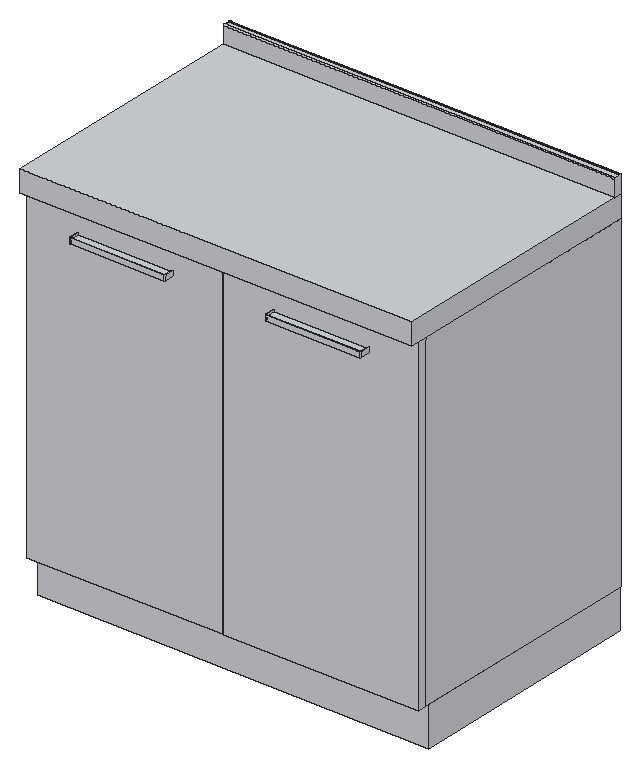
Revit family "Base - Double Door", category 케이스워크, Revit 2026
Family settings
  작업 기준면 기반 = 아니오
  항상 수직 = 예
  로드될 때 보이드를 사용하여 절단 = 아니오
  공유 = 아니오
  룸 계산 점 = 아니오
Parameters (values of type "600 x 900 x 900mm")
  기본 높이 = 0 mm
  Top Material = none
  Material = none
  Handle Material = none
  깊이 = 600 mm
  Height = 900 mm
  폭 = 900 mm
  Assembly Code = ""
Types (3, lengths in mm): name | 폭 | Assembly Code
  (no name) | 900 | ""
  600 x 900 x 900mm | 900 | ""
  600 x 1200 x 900mm | 1200 | "C1030400"
Reference planes
  plane 1 "Back": y = 0
  plane 2: z = 0
  plane 3 "Center (Left/Right)": x = 44.7
  plane 4 "Front": y = -600
  plane 5 "Left": x = -405.3
  plane 6 "Right": x = 494.7
  plane 7 "Top": z = 900
  plane 8: z = 90
  plane 9: z = 850
Forms (mm)
  Extrusion 1, solid
    sketch origin (0, 0, 0) x (1, 0, 0) y (0, 1, 0)
      loop
        line (-405.3, 0) -> (-405.3, -558) -> (-383.3, -558) -> (-383.3, -22) -> (472.7, -22) -> (472.7, -558) -> (494.7, -558) -> (494.7, 0) -> (-405.3, 0)
    from 90 to 850
  Extrusion 2, solid, material <- "Material"
    sketch origin (0, 0, 0) x (1, 0, 0) y (0, 1, 0)
      loop
        line (-405.3, -580) -> (43.7, -580) -> (43.7, -558) -> (-405.3, -558) -> (-405.3, -580)
      loop
        line (494.7, -580) -> (494.7, -558) -> (45.7, -558) -> (45.7, -580) -> (494.7, -580)
    from 90 to 850
  Extrusion 3, solid, material <- "Top Material"
    sketch origin (0, 0, 900) x (0, -1, 0) y (-1, 0, 0)
      loop
        line (0, 405.3) -> (0, -494.7) -> (600, -494.7) -> (600, 405.3) -> (0, 405.3)
    from 0 to 50
  Extrusion 4, solid, material <- "Material"
    sketch origin (0, 0, 900) x (0, -1, 0) y (-1, 0, 0)
      loop
        line (0.534, 405.3) -> (0.534, -494.7) -> (550.534, -494.7) -> (550.534, 405.3) -> (0.534, 405.3)
    from 810 to 900
  Sweep 5, solid, material <- "Top Material"
    path origin (0, 0, 900) x (0, -1, 0) y (1, 0, 0)
      loop
        line (0, 494.7) -> (0, -405.3)
    profile origin (44.7, 0, 0) x (0, -1, 0) y (0, 0, 1)
      loop
        line (0, 900) -> (15, 900) -> (15, 938)
        arc (15, 938) -> (14.414, 939.414) -> (13, 940) r 2
        line (13, 940) -> (1.504, 940) -> (1.504, 942.003) -> (0, 942.003) -> (0, 900)
Dimensions and locks
  "폭": plane 6 "Right" to plane 5 "Left"
  equal spacing: plane 6 "Right", plane 3 "Center (Left/Right)", plane 5 "Left"
  "깊이": plane 4 "Front" to plane 1 "Back"
  "Height": level to plane 7 "Top"
  locked: Extrusion 1 sketch curve to Extrusion 1 sketch curve at 22  (x3)
  locked: plane 8 to level at 90
  locked: plane 7 "Top" to plane 9 at 50
  equal spacing: plane 5 "Left", nested 1, plane 3 "Center (Left/Right)"
  equal spacing: plane 3 "Center (Left/Right)", nested 2, plane 6 "Right"
  aligned and locked: Extrusion 1 sketch curve to plane 6 "Right"
  aligned and locked: plane 1 "Back" to Extrusion 1 sketch curve
  aligned and locked: plane 5 "Left" to Extrusion 1 sketch curve
  aligned and locked: Extrusion 2 to plane 9
  aligned and locked: Extrusion 1 to plane 9
  aligned and locked: plane 8 to Extrusion 2
  aligned and locked: plane 8 to Extrusion 1
  aligned and locked: Extrusion 4 to Extrusion 1
  aligned and locked: Extrusion 2 to nested 2
Automatic sketch dimensions
  Extrusion 3 sketch curve to plane 1 "Back" = 0 mm
  Extrusion 3 sketch curve to plane 4 "Front" = 0 mm
  Extrusion 3 sketch curve to plane 5 "Left" = 0 mm
  Extrusion 3 sketch curve to plane 6 "Right" = 0 mm
  plane 1 "Back" to Extrusion 4 sketch curve = 0.534 mm
  Extrusion 4 sketch curve to plane 5 "Left" = 0 mm
  Extrusion 4 sketch curve to plane 6 "Right" = 0 mm
  Extrusion 4 sketch curve to plane 4 "Front" = 49.466 mm
  Sweep 5 sketch curve to plane 1 "Back" = 0 mm
  Sweep 5 sketch curve to plane 5 "Left" = 0 mm
  Sweep 5 sketch curve to plane 6 "Right" = 0 mm
  Sweep 5 sketch curve to profile plane = 0 mm  (x2)
  Sweep 5 sketch curve to profile plane = 1.504 mm
  Sweep 5 sketch curve to Sweep 5 sketch curve = 11.496 mm
  Sweep 5 sketch curve to profile plane = 15 mm
  profile plane to Sweep 5 sketch curve = 38 mm
  Sweep 5 sketch curve to Sweep 5 sketch curve = 2.003 mm
  Extrusion 1 sketch curve to plane 4 "Front" = 42 mm  (x2)
  Extrusion 2 sketch curve to plane 5 "Left" = 0 mm
  Extrusion 2 sketch curve to plane 6 "Right" = 0 mm
  Extrusion 2 sketch curve to plane 3 "Center (Left/Right)" = 1 mm
  plane 3 "Center (Left/Right)" to Extrusion 2 sketch curve = 1 mm
  Extrusion 2 sketch curve to plane 4 "Front" = 20 mm
  Extrusion 2 sketch curve to Extrusion 2 sketch curve = 0 mm
  Extrusion 2 sketch curve to Extrusion 2 sketch curve = 22 mm  (x2)
Nested families
  nested 1: "Casework Handle" at (94.577, -603, 787.18), type "220 x 23mm"
  nested 2: "Casework Handle" at (544.577, -603, 787.18), type "220 x 23mm"
Definition of nested family "Casework Handle"
  Parameters
    Default Elevation = 0 mm
    Material = none
  Reference planes
    plane 1 "Center (Front/Back)": y = 0
    plane 2: z = 0
    plane 3 "Center (Left/Right)": x = -274.877
    plane 4: x = -384.877
    plane 5: x = -164.877
    plane 6: y = 23
    plane 7: z = 12
  Forms (mm)
    Sweep 1, solid, material <- "Material"
      path origin (0, 0, 0) x (1, 0, 0) y (0, 1, 0)
        loop
          line (-384.877, 23) -> (-384.877, 2.5)
          arc (-384.877, 2.5) -> (-384.145, 0.732) -> (-382.377, 0) r 2.5
          line (-382.377, 0) -> (-167.377, 0)
          arc (-167.377, 0) -> (-165.609, 0.732) -> (-164.877, 2.5) r 2.5
          line (-164.877, 2.5) -> (-164.877, 23)
      profile origin (0, 12.75, 0) x (1, 0, 0) y (0, 0, 1)
        loop
          line (-384.877, 0) -> (-382.877, 0) -> (-382.877, 12) -> (-384.877, 12) -> (-384.877, 0)
    Extrusion 2, solid, material <- "Material"
      sketch origin (0, 0, 0) x (1, 0, 0) y (0, 1, 0)
        loop
          arc (-382.877, 2.5) -> (-382.731, 2.146) -> (-382.377, 2) r 0.5
          line (-382.377, 2) -> (-167.377, 2)
          arc (-167.377, 2) -> (-167.023, 2.146) -> (-166.877, 2.5) r 0.5
          line (-166.877, 2.5) -> (-166.877, 23) -> (-382.877, 23) -> (-382.877, 2.5)
      from 2.765 to 9.254
  Dimensions and locks
    equal spacing: plane 4, plane 3 "Center (Left/Right)", plane 5
